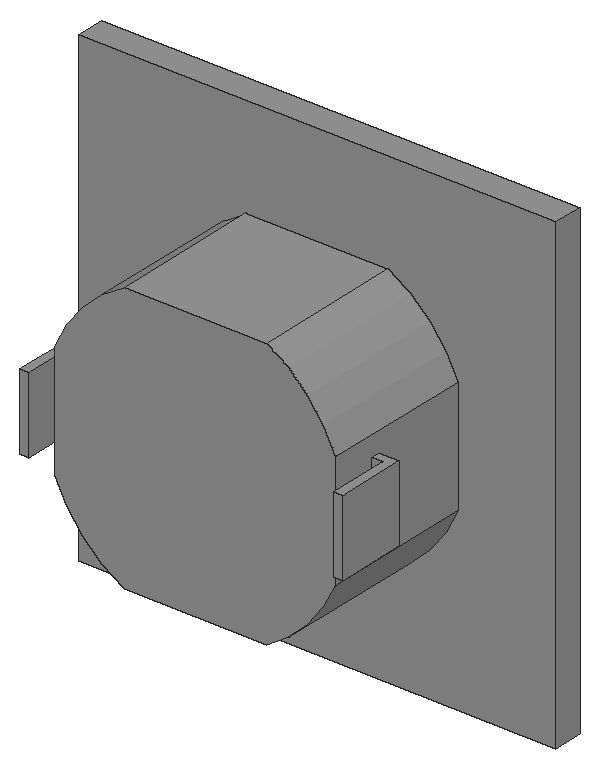
Revit family "IEK_РозеткаКомпьютерная_Встраиваемая_Одноместная IP20_КВАРТА", category Устройства связи, Revit 2019
Family settings
  Сохранять ориентацию аннотаций = Да
  Размер круглого соединителя = Использовать диаметр
  Тип детали = Нормальный
  На основе рабочей плоскости = Нет
  Всегда вертикально = Да
  При загрузке вырезать с полостями = Нет
  Общий = Нет
  Точка расчета площади = Нет
Parameters (values of type "РК10-ККм")
  Ширина = 81.5 mm  # constant formula
  Тип монтажа = "Встраиваемый"  # constant formula
  Степень защиты = "IP20"  # constant formula
  Изготовитель = "IEK"  # constant formula
  Дата изменения = ""
  Глубина = 42.5 mm  # constant formula
  Высота = 80.5 mm  # constant formula
  ΔХ [instance] = 2000 mm
  ΔY [instance] = 2000 mm
  KSI_CPr_Строительные изделия = ""
  KSI_CMa_Строительные материалы = "01.7.14.03"  # constant formula
  IEK_Цена за единицу = 261.7  # constant formula
  IEK_Поиск в таблице имен = ""
  IEK_Описание = "Классический дизайн, проверенный временем и востребованный различными категориями потребителей, позволяет устанавливать изделия серии \"КВАРТА\" в квартирах, загородных домах, офисных и производственных помещениях."
  IEK_URL = "https://www.iek.ru/products/catalog/izdeliya_elektroustanovochnye_udliniteli_i_silovye_razemy/elektroustanovochnye_izdeliya/elektroustanovochnye_izdeliya_skrytogo_montazha/elektroustanovochnye_izdeliya_kvarta/elektroustanovochnye_izdeliya_kvarta_tsvet_kremovyy/rozetka_1_mestnaya_kompyuternaya_rk10_kkm_kvarta_kremovyy_iek"
  ADSK_Примечание = ""
  ADSK_Позиция [instance] = ""
  ADSK_Наименование = "Розетка 1-местная компьютерная РК10-ККм КВАРТА кремовый IEK"
  ADSK_Материал обозначение = ""
  ADSK_Материал наименование = "Пластик"  # constant formula
  ADSK_Материал = Цвет кремовый
  ADSK_Масса = 0.081
  ADSK_Марка = "КВАРТА"  # constant formula
  ADSK_Код изделия = "EKK10-K33-DM"
  ADSK_Завод-изготовитель = "IEK"  # constant formula
  ADSK_Единица измерения = "шт"  # constant formula
  ADSK_Группирование = "III ЭЛЕКТРОУСТАНОВОЧНЫЕ И ЭЛЕКТРОМОНТАЖНЫЕ ИЗДЕЛИЯ"  # constant formula
  ADSK_Версия семейства = "1.0"  # constant formula
  ADSK_Версия Revit = "2019"  # constant formula
  ADSK_URL страницы изделия = "https://www.iek.ru/products/catalog/izdeliya_elektroustanovochnye_udliniteli_i_silovye_razemy/elektroustanovochnye_izdeliya/elektroustanovochnye_izdeliya_skrytogo_montazha/elektroustanovochnye_izdeliya_kvarta/?pagec=100"
Types (3, lengths in mm): name | IEK_URL | ADSK_Наименование | ADSK_Материал | ADSK_Масса | ADSK_Код изделия
  (no name) | "https://www.iek.ru/products/catalog/izdeliya_elektroustanovochnye_udliniteli_i_silovye_razemy/elektroustanovochnye_izdeliya/elektroustanovochnye_izdeliya_skrytogo_montazha/elektroustanovochnye_izdeliya_kvarta/elektroustanovochnye_izdeliya_kvarta_tsvet_kremovyy/rozetka_1_mestnaya_kompyuternaya_rk10_kkm_kvarta_kremovyy_iek" | "Розетка 1-местная компьютерная РК10-ККм КВАРТА кремовый IEK" | Цвет кремовый | 0.081 | "EKK10-K33-DM"
  РК10-КБ | "https://www.iek.ru/products/catalog/izdeliya_elektroustanovochnye_udliniteli_i_silovye_razemy/elektroustanovochnye_izdeliya/elektroustanovochnye_izdeliya_skrytogo_montazha/elektroustanovochnye_izdeliya_kvarta/elektroustanovochnye_izdeliya_kvarta_tsvet_belyy/rozetka_1_mestnaya_kompyuternaya_rk10_kb_kvarta_belyy_iek" | "Розетка 1-местная компьютерная РК10-КБ КВАРТА белый IEK" | Цвет белый | 0.083 | "EKK10-K01-DM"
  РК10-ККм | "https://www.iek.ru/products/catalog/izdeliya_elektroustanovochnye_udliniteli_i_silovye_razemy/elektroustanovochnye_izdeliya/elektroustanovochnye_izdeliya_skrytogo_montazha/elektroustanovochnye_izdeliya_kvarta/elektroustanovochnye_izdeliya_kvarta_tsvet_kremovyy/rozetka_1_mestnaya_kompyuternaya_rk10_kkm_kvarta_kremovyy_iek" | "Розетка 1-местная компьютерная РК10-ККм КВАРТА кремовый IEK" | Цвет кремовый | 0.081 | "EKK10-K33-DM"
Reference planes
  plane 1 "По центру (Вперед/Назад)": y = 0
  plane 2: z = 0
  plane 3 "По центру (Влево/Вправо)": x = 0
  plane 4 "Высота ножек": z = 280
  plane 5 "Высота": z = 2081.496
  plane 6: x = -2000
  plane 7: y = 2000
Forms (mm)
  Extrusion 1, solid, detail levels coarse
    sketch origin (0, 0, 0) x (1, 0, 0) y (0, 1, 0)
      loop
        line (-40.75, 15) -> (-40.75, -29) -> (40.75, -29) -> (40.75, 15) -> (-40.75, 15)
    from 0 to 80.5
  Extrusion 2, solid, detail levels medium
    sketch origin (0, 5, 0) x (1, 0, 0) y (0, 1, 0)
      loop
        line (-40.75, 10) -> (-40.75, -34) -> (40.75, -34) -> (40.75, 10) -> (-40.75, 10)
    from 0 to 80.5
  Extrusion 3, solid, material "Цвет кремовый" <- "ADSK_Материал", detail levels fine
    sketch origin (0, 0, 40.25) x (1, 0, 0) y (0, 0, -1)
      loop
        arc (-12.124, 23) -> (-19.255, 17.479) -> (-24, 9.811) r 25.342
        line (-24, 9.811) -> (-24, -9.811)
        arc (-24, -9.811) -> (-19.255, -17.479) -> (-12.124, -23) r 25.342
        line (-12.124, -23) -> (12.124, -23)
        arc (12.124, -23) -> (19.255, -17.479) -> (24, -9.811) r 25.342
        line (24, -9.811) -> (24, 9.811)
        arc (24, 9.811) -> (19.255, 17.479) -> (12.124, 23) r 25.342
        line (12.124, 23) -> (-12.124, 23)
    from 0 to -26
  Extrusion 4, solid, material "Цвет кремовый" <- "ADSK_Материал", detail levels fine
    sketch origin (0, 0, 40.25) x (1, 0, 0) y (0, 0, -1)
      loop
        line (-40.75, 40.25) -> (-40.75, -40.25) -> (40.75, -40.25) -> (40.75, 40.25) -> (-40.75, 40.25)
    from 0 to 14.038
  Revolve 5, solid, material "Цвет кремовый" <- "ADSK_Материал", detail levels fine
    sketch origin (0, 0, 40.25) x (0, 0, -1) y (0, 1, 0)
      loop
        line (19.023, 5) -> (21.005, 5) -> (21.005, 13.999)
        arc (21.005, 13.999) -> (20.014, 14.99) -> (19.023, 13.999) r 0.991
        line (19.023, 13.999) -> (19.023, 5)
      axis (0, 13.999) -> (0, 5)
    angle from 0 to 360
  Extrusion 6, void
    sketch origin (0, 0, 40.25) x (1, 0, 0) y (0, 0, -1)
      loop
        circle (0, 0) r 19.023
    from 5 to 18.875
  Extrusion 7, void
    sketch origin (-0.5, 0, 39.464) x (0, 1, 0) y (1, 0, 0)
      loop
        line (5, -40.25) -> (18.875, -40.25) -> (18.875, -11.84) -> (14.038, -11.84) -> (14.038, -14.912)
        spline (14.038, -14.912) -> (13.743, -16.643) -> (13.423, -18.551) -> (13.06, -20.603) -> (12.637, -22.767) -> (12.136, -25.011) -> (11.54, -27.303) -> (10.832, -29.61) -> (9.995, -31.901) -> (9.01, -34.142) -> (7.861, -36.302) -> (6.53, -38.349) -> (5, -40.25)
    from -55.184 to 53.611
  Extrusion 8, void
    sketch origin (0, 0, 40.25) x (1, 0, 0) y (0, 0, -1)
      loop
        line (-6, 5.5) -> (-6, -1.5) -> (-3.5, -1.5) -> (-3.5, -3.5) -> (-2, -3.5) -> (-2, -5.5) -> (2, -5.5) -> (2, -3.5) -> (3.5, -3.5) -> (3.5, -1.5) -> (6, -1.5) -> (6, 5.5) -> (-6, 5.5)
    from 5 to -4
  Extrusion 9, void
    sketch origin (0.5, 0, 39.464) x (0, -1, 0) y (-1, 0, 0)
      loop
        spline (-5, -40.25) -> (-6.53, -38.349) -> (-7.861, -36.302) -> (-9.01, -34.142) -> (-9.995, -31.901) -> (-10.832, -29.61) -> (-11.54, -27.303) -> (-12.136, -25.011) -> (-12.637, -22.767) -> (-13.06, -20.603) -> (-13.423, -18.551) -> (-13.743, -16.643) -> (-14.038, -14.912)
        line (-14.038, -14.912) -> (-14.038, -11.84) -> (-18.875, -11.84) -> (-18.875, -40.25) -> (-5, -40.25)
    from -55.184 to 53.611
  Extrusion 10, void
    sketch origin (0.786, 0, 40.25) x (0, 0, 1) y (0, -1, 0)
      loop
        spline (40.25, -5) -> (38.349, -6.53) -> (36.302, -7.861) -> (34.142, -9.01) -> (31.901, -9.995) -> (29.61, -10.832) -> (27.303, -11.54) -> (25.011, -12.136) -> (22.767, -12.637) -> (20.603, -13.06) -> (18.551, -13.423) -> (16.643, -13.743) -> (14.912, -14.038)
        line (14.912, -14.038) -> (11.84, -14.038) -> (11.84, -18.875) -> (40.25, -18.875) -> (40.25, -5)
    from -55.184 to 53.611
  Extrusion 11, void
    sketch origin (0.786, 0, 40.25) x (0, 0, -1) y (0, 1, 0)
      loop
        line (40.25, 5) -> (40.25, 18.875) -> (11.84, 18.875) -> (11.84, 14.038) -> (14.912, 14.038)
        spline (14.912, 14.038) -> (16.643, 13.743) -> (18.551, 13.423) -> (20.603, 13.06) -> (22.767, 12.637) -> (25.011, 12.136) -> (27.303, 11.54) -> (29.61, 10.832) -> (31.901, 9.995) -> (34.142, 9.01) -> (36.302, 7.861) -> (38.349, 6.53) -> (40.25, 5)
    from -55.184 to 53.611
  Extrusion 12, solid, material "Цвет кремовый" <- "ADSK_Материал", detail levels fine
    sketch origin (0, 0, 40.25) x (1, 0, 0) y (0, 1, 0)
      loop
        line (-26, -29) -> (-26, -18.5) -> (-24, -18.5) -> (-24, -17) -> (-27.5, -17) -> (-27.5, -29) -> (-26, -29)
      loop
        line (27.5, -29) -> (27.5, -17) -> (24, -17) -> (24, -18.5) -> (26, -18.5) -> (26, -29) -> (27.5, -29)
    from -6.5 to 6.5
Cuts and joins
  Extrusion 6, Extrusion 7, Extrusion 8, Extrusion 9, Extrusion 10, Extrusion 11 cuts Extrusion 4
  Extrusion 8 cuts Revolve 5
Lines and regions (mm)
  reference lines
    curve 1: line (0, 44.647, 0) -> (0, -55.353, 0)
    curve 2: line (-23.829, 0, 0) -> (76.171, 0, 0)
Dimensions and locks
  locked: plane 4 "Высота ножек" to plane 2 at 280
  plane 5 "Высота" to plane 4 "Высота ножек" = 1801.496 mm
  "ΔХ": plane 6 to curve 1
  "ΔY": plane 7 to curve 2
  aligned and locked: level to plane 2
  aligned and locked: nested 1 to curve 1
  aligned and locked: curve 2 to nested 1
Automatic sketch dimensions
  plane 1 "По центру (Вперед/Назад)" to Extrusion 1 sketch curve = 29 mm
  Extrusion 1 sketch curve to plane 3 "По центру (Влево/Вправо)" = 40.75 mm
  plane 3 "По центру (Влево/Вправо)" to Extrusion 1 sketch curve = 40.75 mm
  Extrusion 1 sketch curve to plane 1 "По центру (Вперед/Назад)" = 15 mm
  plane 1 "По центру (Вперед/Назад)" to Extrusion 2 sketch curve = 29 mm
  Extrusion 2 sketch curve to plane 3 "По центру (Влево/Вправо)" = 40.75 mm
  plane 3 "По центру (Влево/Вправо)" to Extrusion 2 sketch curve = 40.75 mm
  Extrusion 2 sketch curve to plane 1 "По центру (Вперед/Назад)" = 15 mm
  Extrusion 3 sketch curve to plane 3 "По центру (Влево/Вправо)" = 24 mm
  Extrusion 3 sketch curve to plane 3 "По центру (Влево/Вправо)" = 12.124 mm  (x2)
  Extrusion 3 sketch curve to plane 3 "По центру (Влево/Вправо)" = 0.422 mm  (x2)
  plane 3 "По центру (Влево/Вправо)" to Extrusion 3 sketch curve = 0.422 mm  (x2)
  plane 3 "По центру (Влево/Вправо)" to Extrusion 3 sketch curve = 12.124 mm  (x2)
  Extrusion 3 sketch curve to Extrusion 3 sketch curve = 11.876 mm
  level to Extrusion 3 sketch curve = 63.25 mm
  Extrusion 3 sketch curve to Extrusion 3 sketch curve = 13.189 mm  (x2)
  Extrusion 3 sketch curve to Extrusion 3 sketch curve = 1.043 mm
  Extrusion 3 sketch curve to Extrusion 3 sketch curve = 0 mm
  Extrusion 3 sketch curve to Extrusion 3 sketch curve = 19.622 mm
  Extrusion 4 sketch curve to level = 0 mm
  Extrusion 4 sketch curve to plane 3 "По центру (Влево/Вправо)" = 40.75 mm
  plane 3 "По центру (Влево/Вправо)" to Extrusion 4 sketch curve = 40.75 mm
  level to Extrusion 4 sketch curve = 80.5 mm
  level to Revolve 5 sketch curve = 21.227 mm
  Revolve 5 sketch curve to Revolve 5 sketch curve = 0.991 mm
  Revolve 5 sketch curve to plane 1 "По центру (Вперед/Назад)" = 5 mm
  Revolve 5 sketch curve to Revolve 5 sketch curve = 8.999 mm
  level to Revolve 5 sketch curve = 40.25 mm
  plane 1 "По центру (Вперед/Назад)" to Revolve 5 sketch curve = 609.6 mm
  plane 7 to Revolve 5 sketch curve = 343.807 mm
  Extrusion 6 sketch curve to plane 3 "По центру (Влево/Вправо)" = 0 mm
  level to Extrusion 6 sketch curve = 40.25 mm
  Extrusion 7 sketch curve to plane 1 "По центру (Вперед/Назад)" = 5 mm
  Extrusion 7 sketch curve to plane 1 "По центру (Вперед/Назад)" = 14.038 mm
  Extrusion 7 sketch curve to Extrusion 7 sketch curve = 4.837 mm
  Extrusion 7 sketch curve to plane 3 "По центру (Влево/Вправо)" = 12.34 mm
  Extrusion 7 sketch curve to Extrusion 7 sketch curve = 3.071 mm
  Extrusion 7 sketch curve to Extrusion 7 sketch curve = 25.338 mm
  Extrusion 8 sketch curve to plane 3 "По центру (Влево/Вправо)" = 6 mm
  Extrusion 8 sketch curve to Extrusion 8 sketch curve = 2.5 mm
  Extrusion 8 sketch curve to plane 3 "По центру (Влево/Вправо)" = 2 mm
  plane 3 "По центру (Влево/Вправо)" to Extrusion 8 sketch curve = 2 mm
  Extrusion 8 sketch curve to Extrusion 8 sketch curve = 1.5 mm
  plane 3 "По центру (Влево/Вправо)" to Extrusion 8 sketch curve = 6 mm
  level to Extrusion 8 sketch curve = 45.75 mm
  Extrusion 8 sketch curve to Extrusion 8 sketch curve = 2 mm  (x4)
  Extrusion 8 sketch curve to Extrusion 8 sketch curve = 7 mm
  Extrusion 9 sketch curve to plane 1 "По центру (Вперед/Назад)" = 18.875 mm
  Extrusion 9 sketch curve to Extrusion 9 sketch curve = 4.837 mm
  Extrusion 9 sketch curve to plane 1 "По центру (Вперед/Назад)" = 5 mm
  plane 3 "По центру (Влево/Вправо)" to Extrusion 9 sketch curve = 12.34 mm
  Extrusion 9 sketch curve to Extrusion 9 sketch curve = 3.071 mm
  Extrusion 9 sketch curve to Extrusion 9 sketch curve = 25.338 mm
  Extrusion 10 sketch curve to plane 1 "По центру (Вперед/Назад)" = 18.875 mm
  level to Extrusion 10 sketch curve = 52.09 mm
  Extrusion 10 sketch curve to plane 1 "По центру (Вперед/Назад)" = 14.038 mm
  Extrusion 10 sketch curve to Extrusion 10 sketch curve = 3.071 mm
  Extrusion 10 sketch curve to plane 1 "По центру (Вперед/Назад)" = 5 mm
  Extrusion 10 sketch curve to Extrusion 10 sketch curve = 25.338 mm
  Extrusion 11 sketch curve to level = 0 mm
  level to Extrusion 11 sketch curve = 25.338 mm
  Extrusion 11 sketch curve to Extrusion 11 sketch curve = 3.071 mm
  Extrusion 11 sketch curve to plane 1 "По центру (Вперед/Назад)" = 5 mm
  Extrusion 11 sketch curve to plane 1 "По центру (Вперед/Назад)" = 14.038 mm
  Extrusion 11 sketch curve to Extrusion 11 sketch curve = 4.837 mm
  Extrusion 12 sketch curve to plane 3 "По центру (Влево/Вправо)" = 27.5 mm
  Extrusion 12 sketch curve to Extrusion 12 sketch curve = 1.5 mm  (x4)
  Extrusion 12 sketch curve to Extrusion 12 sketch curve = 2 mm  (x2)
  plane 3 "По центру (Влево/Вправо)" to Extrusion 12 sketch curve = 24 mm
  plane 1 "По центру (Вперед/Назад)" to Extrusion 12 sketch curve = 29 mm  (x2)
  Extrusion 12 sketch curve to Extrusion 12 sketch curve = 10.5 mm  (x2)
  curve 2 to plane 3 "По центру (Влево/Вправо)" = 23.829 mm
  plane 3 "По центру (Влево/Вправо)" to curve 2 = 76.171 mm
  plane 1 "По центру (Вперед/Назад)" to curve 1 = 55.353 mm
  curve 1 to plane 1 "По центру (Вперед/Назад)" = 44.647 mm
  radius of Extrusion 6 sketch curve = 19.023 mm
Nested families
  nested 1: "УГО Розетки связистской" at (0, 0, 0), type "Розетка сетевая (Интернет)", detail levels coarse+medium
Connectors
  electrical at (0, -29, 40.25)
    settings: on Extrusion 1, index 1, voltage 0 V, apparent load 0 VA, apparent load phase1 0 VA, apparent load phase2 0 VA, apparent load phase3 0 VA, power factor 1, load classification "Прочее", number of poles 1, system type 9, power factor state 1, is connector primary yes, connector utility no, sub classification motor no, connector description ""
Definition of nested family "УГО Розетки связистской"
  Parameters (values of type "Розетка телефонная")
    Розетка телефонная = yes
    Розетка сетевая (Интернет) = no
    Розетка сетевая и телефонная = no
    Розетка телевизионная = no
  Types (4, lengths in mm): name | Розетка телефонная | Розетка сетевая (Интернет) | Розетка сетевая и телефонная | Розетка телевизионная
    Розетка телевизионная | no | no | no | yes
    Розетка сетевая (Интернет) | no | yes | no | no
    Розетка сетевая и телефонная | no | no | yes | no
    Розетка телефонная | yes | no | no | no
  Reference planes
    plane 1: y = 0
    plane 2: x = 0
  Lines and regions (mm)
    Filled region 1, type "Цветовая область 1", visible <- "Розетка телефонная"
      outline origin (0, 0, 0) x (1, 0, 0) y (0, 1, 0)
        loop
          line (-0.512, 1.977) -> (-0.512, 3.023) -> (-1.53, 3.023) -> (-1.53, 1.977) -> (-0.512, 1.977)
        loop
          line (0.512, 1.977) -> (1.53, 1.977) -> (1.53, 3.023) -> (0.512, 3.023) -> (0.512, 1.977)
    Filled region 2, type "Цветовая область 1", visible <- "Розетка телефонная", not visible
      outline origin (0, 0, 0) x (1, 0, 0) y (0, 1, 0)
        loop
          line (8.078, 7.617) -> (8.078, 8.664) -> (7.06, 8.664) -> (7.06, 7.617) -> (8.078, 7.617)
        loop
          line (9.101, 7.617) -> (10.119, 7.617) -> (10.119, 8.664) -> (9.101, 8.664) -> (9.101, 7.617)
    Filled region 3, type "Цветовая область 1", visible <- "Розетка сетевая и телефонная"
      outline origin (0, 0, 0) x (1, 0, 0) y (0, 1, 0)
        loop
          line (0.994, 4) -> (0.994, 3) -> (1.994, 3) -> (1.994, 4) -> (0.994, 4)
        loop
          line (3.019, 3) -> (4.019, 3) -> (4.019, 4) -> (3.019, 4) -> (3.019, 3)
    Filled region 4, type "Цветовая область 1", visible <- "Розетка сетевая и телефонная", not visible
      outline origin (0, 0, 0) x (1, 0, 0) y (0, 1, 0)
        loop
          line (28.769, 14.987) -> (28.769, 13.987) -> (29.769, 13.987) -> (29.769, 14.987) -> (28.769, 14.987)
        loop
          line (30.794, 13.987) -> (31.794, 13.987) -> (31.794, 14.987) -> (30.794, 14.987) -> (30.794, 13.987)
    detail lines
      curve 1: line (0.006, 0, 0) -> (0.006, 2.454, 0)
      curve 2: line (0.006, 0, 0) -> (2.217, 0, 0)
    detail lines, visible <- "Розетка сетевая (Интернет)", not visible
      curve 3: line (2.5, 1.221, 0) -> (-2.5, 1.221, 0)
      curve 4: line (2.5, 6.221, 0) -> (-2.5, 6.221, 0)
      curve 5: line (0, 6.221, 0) -> (-2.5, 1.221, 0)
      curve 6: line (0, 6.221, 0) -> (2.5, 1.221, 0)
    detail lines, visible <- "Розетка телевизионная", not visible
      curve 7: line (19.458, 13.285, 0) -> (24.458, 13.285, 0)
      curve 8: line (19.458, 8.285, 0) -> (24.458, 8.285, 0)
      curve 9: line (21.958, 13.285, 0) -> (19.458, 8.285, 0)
      curve 10: line (21.958, 13.285, 0) -> (24.458, 8.285, 0)
    detail lines, visible <- "Розетка сетевая (Интернет)"
      curve 11: line (2.506, 0, 0) -> (-2.494, 0, 0)
      curve 12: line (2.506, 5, 0) -> (-2.494, 5, 0)
      curve 13: line (0.006, 5, 0) -> (-2.494, 0, 0)
      curve 14: line (0.006, 5, 0) -> (2.506, 0, 0)
    detail lines, visible <- "Розетка телевизионная"
      curve 15: line (-2.494, 5, 0) -> (2.506, 5, 0)
      curve 16: line (-2.494, 0, 0) -> (2.506, 0, 0)
      curve 17: line (0.006, 5, 0) -> (-2.494, 0, 0)
      curve 18: line (0.006, 5, 0) -> (2.506, 0, 0)
    detail lines, visible <- "Розетка телефонная"
      curve 19: circle (0.006, 2.5, 0) r 2.5 normal (0, 0, 1)
      curve 21: line (-1.53, 3.023, 0) -> (-1.53, 1.977, 0)
      curve 22: line (-1.53, 1.977, 0) -> (-0.512, 1.977, 0)
      curve 23: line (-0.512, 1.977, 0) -> (-0.512, 3.023, 0)
      curve 24: line (-0.512, 3.023, 0) -> (-1.53, 3.023, 0)
      curve 25: line (1.53, 3.023, 0) -> (1.53, 1.977, 0)
      curve 26: line (1.53, 1.977, 0) -> (0.512, 1.977, 0)
      curve 27: line (0.512, 1.977, 0) -> (0.512, 3.023, 0)
      curve 28: line (0.512, 3.023, 0) -> (1.53, 3.023, 0)
    detail lines, visible <- "Розетка телефонная", not visible
      curve 20: circle (8.596, 8.14, 0) r 2.5 normal (0, 0, 1)
      curve 29: line (7.06, 8.664, 0) -> (7.06, 7.617, 0)
      curve 30: line (7.06, 7.617, 0) -> (8.078, 7.617, 0)
      curve 31: line (8.078, 7.617, 0) -> (8.078, 8.664, 0)
      curve 32: line (8.078, 8.664, 0) -> (7.06, 8.664, 0)
      curve 33: line (10.119, 8.664, 0) -> (10.119, 7.617, 0)
      curve 34: line (10.119, 7.617, 0) -> (9.101, 7.617, 0)
      curve 35: line (9.101, 7.617, 0) -> (9.101, 8.664, 0)
      curve 36: line (9.101, 8.664, 0) -> (10.119, 8.664, 0)
    detail lines, visible <- "Розетка сетевая и телефонная"
      curve 37: line (-5.994, 7, 0) -> (6.006, 7, 0)
      curve 38: line (-5.994, 0, 0) -> (-5.994, 7, 0)
      curve 39: line (6.006, 0, 0) -> (-5.994, 0, 0)
      curve 40: line (6.006, 7, 0) -> (6.006, 0, 0)
      curve 41: line (-4.994, 1, 0) -> (0.006, 1, 0)
      curve 42: line (-2.474, 6, 0) -> (-4.994, 1, 0)
      curve 43: line (-2.474, 6, 0) -> (0.006, 1, 0)
      curve 44: circle (2.506, 3.5, 0) r 2.5 normal (0, 0, 1)
      curve 45: line (-4.994, 6, 0) -> (0.006, 6, 0)
      curve 46: line (0.994, 4, 0) -> (0.994, 3, 0)
      curve 47: line (0.994, 3, 0) -> (1.994, 3, 0)
      curve 48: line (1.994, 3, 0) -> (1.994, 4, 0)
      curve 49: line (1.994, 4, 0) -> (0.994, 4, 0)
      curve 50: line (4.019, 4, 0) -> (4.019, 3, 0)
      curve 51: line (4.019, 3, 0) -> (3.019, 3, 0)
      curve 52: line (3.019, 3, 0) -> (3.019, 4, 0)
      curve 53: line (3.019, 4, 0) -> (4.019, 4, 0)
    detail lines, visible <- "Розетка сетевая и телефонная", not visible
      curve 54: line (21.782, 17.987, 0) -> (33.782, 17.987, 0)
      curve 55: line (21.782, 10.987, 0) -> (21.782, 17.987, 0)
      curve 56: line (33.782, 10.987, 0) -> (21.782, 10.987, 0)
      curve 57: line (33.782, 17.987, 0) -> (33.782, 10.987, 0)
      curve 58: line (22.782, 11.987, 0) -> (27.782, 11.987, 0)
      curve 59: line (25.301, 16.987, 0) -> (22.782, 11.987, 0)
      curve 60: line (25.301, 16.987, 0) -> (27.782, 11.987, 0)
      curve 61: circle (30.282, 14.487, 0) r 2.5 normal (0, 0, 1)
      curve 62: line (22.782, 16.987, 0) -> (27.782, 16.987, 0)
      curve 63: line (28.769, 14.987, 0) -> (28.769, 13.987, 0)
      curve 64: line (28.769, 13.987, 0) -> (29.769, 13.987, 0)
      curve 65: line (29.769, 13.987, 0) -> (29.769, 14.987, 0)
      curve 66: line (29.769, 14.987, 0) -> (28.769, 14.987, 0)
      curve 67: line (31.794, 14.987, 0) -> (31.794, 13.987, 0)
      curve 68: line (31.794, 13.987, 0) -> (30.794, 13.987, 0)
      curve 69: line (30.794, 13.987, 0) -> (30.794, 14.987, 0)
      curve 70: line (30.794, 14.987, 0) -> (31.794, 14.987, 0)
  Text (mm)
    text "TV" at (20.688, 11.147, 0), visible <- "Розетка телевизионная", not visible
    text "TV" at (-1.264, 2.862, 0), visible <- "Розетка телевизионная"
